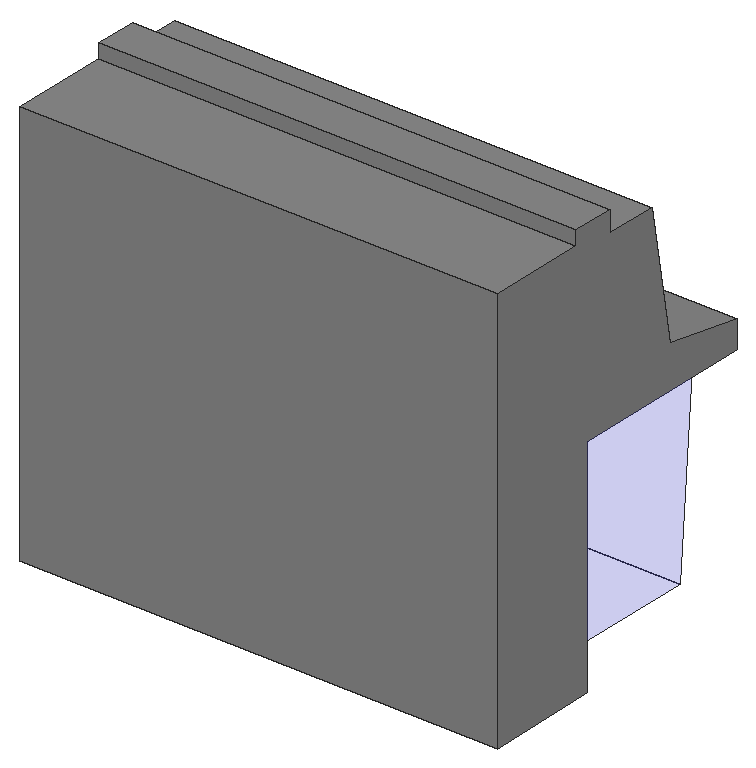
Revit family
Parameters
  Wattage = 32.3141 W
  built-in parameter 1150110 = 1 (stored number, unit not read)
  built-in parameter 1114217 = 1 (stored number, unit not read)
  built-in parameter 1150109 = 1 (stored number, unit not read)
  built-in parameter 1150134 = 3
  built-in parameter 1150113 = 1 (stored number, unit not read)
  Material = Metal - Paint Finish - Dark Grey, Matte
  built-in parameter 1150105 = 381.97 (stored number, unit not read)
  Lumens = 4800 lm
  Mounting Height = 2800 mm
  built-in parameter 1150115 = 1 (stored number, unit not read)
  Light Source Symbol Size = 609.6 mm
  built-in parameter 1150137 = (empty or 0)
  built-in parameter 1150139 = (empty or 0)
  built-in parameter 1150112 = 1 (stored number, unit not read)
  built-in parameter 1150114 = 1 (stored number, unit not read)
  built-in parameter 1150132 = 2
  built-in parameter 1150102 = (empty or 0)
  built-in parameter 1150107 = 3200 (stored number, unit not read)
  built-in parameter 1150138 = (empty or 0)
  built-in parameter 1150106 = 3.8197 (stored number, unit not read)
  built-in parameter 1150104 = 13.8 (stored number, unit not read)
  Dimming Lamp Color Temperature Shift = (empty or 0)
  Color Filter = 16777215
  built-in parameter 1114218 = 1 (stored number, unit not read)
  built-in parameter 1150133 = 10 (stored number, unit not read)
Reference planes
  plane 1: y = 0
  plane 2 "Light Source Axis": y = 228.6
  plane 3 "Light Source Axis": x = 121.764
  plane 4 "Light Source Elevation": z = 2615.85
  plane 5: z = 2800
  plane 6: z = 2431.7
  plane 7: x = 337.664
  plane 8: x = -94.136
  plane 9: y = 177.8
  plane 10: y = 76.2
  plane 11: x = -68.735
  plane 12: x = 312.264
Forms (mm)
  Extrusion 1, solid, material "Metal - Paint Finish - Dark Grey, Matte" <- "Material"
    sketch origin (-94.136, 177.8, 1817.14) x (0, -1, 0) y (0, 0, 1)
      loop
        line (12.7, 982.86) -> (12.7, 995.56) -> (-25.4, 995.56) -> (-25.4, 976.51) -> (-72.841, 976.51) -> (-93.843, 857.403) -> (-168.885, 844.172) -> (-168.885, 818.772) -> (0, 818.772) -> (0, 614.56) -> (101.6, 614.56) -> (101.6, 982.86) -> (12.7, 982.86)
    from -431.8 to 0
  Extrusion 2, solid, material "Glass"
    sketch origin (-94.136, 177.8, 1817.14) x (0, -1, 0) y (0, 0, 1)
      loop
        line (-152.317, 817.76) -> (-137.221, 633.61) -> (0, 633.61) -> (0, 817.76) -> (-152.317, 817.76)
    from -406.4 to -25.401
Text (mm)
  text "Placement Side" at (0, 1019.848, 3124.603), in view "Right"
  text "Placement Side" at (-1209.637, 403.577, 0), in view "Ref. Level"
  text "Placement Side" at (0, 1206.291, 3571.227), in view "Left"
Dimensions and locks
  equal spacing: plane 6, plane 4 "Light Source Elevation", plane 5
  plane 6 to plane 5 = 368.3 mm
  equal spacing: plane 7, plane 3 "Light Source Axis", plane 8
  plane 7 to plane 8 = 431.8 mm
  "Mounting Height": level to plane 5
  locked: plane 10 to host wall
  locked: plane 8 to plane 11 at 25.401
  locked: plane 12 to plane 7 at 25.4
  locked: plane 9 to plane 10 at 101.6
  locked: plane 9 to plane 2 "Light Source Axis" at 50.8
  aligned and locked: plane 7 to Extrusion 1
  aligned and locked: Extrusion 1 to plane 8
  aligned and locked: plane 11 to Extrusion 2
  aligned and locked: Extrusion 2 to plane 12
  aligned and locked: plane 3 "Light Source Axis" to imposter light
  aligned and locked: plane 2 "Light Source Axis" to imposter light
  aligned and locked: plane 4 "Light Source Elevation" to imposter light
Automatic sketch dimensions
  Extrusion 2 sketch curve to plane 9 = 0 mm
  Extrusion 2 sketch curve to plane 6 = 19.05 mm
  Extrusion 2 sketch curve to plane 2 "Light Source Axis" = 86.421 mm
  Extrusion 2 sketch curve to plane 4 "Light Source Elevation" = 19.05 mm
  Extrusion 2 sketch curve to plane 2 "Light Source Axis" = 101.517 mm
  Extrusion 1 sketch curve to plane 9 = 0 mm
  Extrusion 1 sketch curve to plane 5 = 0 mm
  Extrusion 1 sketch curve to host wall = 0 mm
  Extrusion 1 sketch curve to plane 6 = 0 mm
  plane 2 "Light Source Axis" to Extrusion 1 sketch curve = 25.4 mm
  Extrusion 1 sketch curve to plane 2 "Light Source Axis" = 43.043 mm
  Extrusion 1 sketch curve to plane 4 "Light Source Elevation" = 45.462 mm
  Extrusion 1 sketch curve to Extrusion 1 sketch curve = 75.042 mm
  Extrusion 1 sketch curve to plane 9 = 12.7 mm
  Extrusion 1 sketch curve to plane 4 "Light Source Elevation" = 20.062 mm
  Extrusion 1 sketch curve to plane 4 "Light Source Elevation" = 58.694 mm
  plane 5 to Extrusion 1 sketch curve = 6.35 mm
  Extrusion 1 sketch curve to Extrusion 1 sketch curve = 12.7 mm
  Extrusion 1 sketch curve to plane 2 "Light Source Axis" = 22.041 mm
